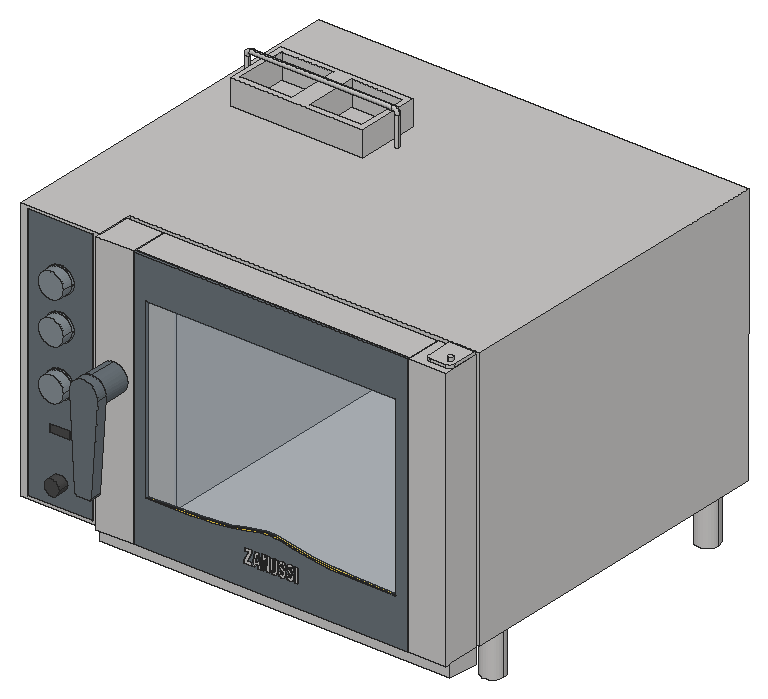
Revit family "QF_ZANUSSI_240470_ZFCG61CSAS", category Specialty Equipment, Revit 2023 (continued)
Definition of nested family "ZAN_DOOR_CROSSWISE_H525"
  Automatic sketch dimensions
    plane 15 to Extrusion 2 sketch curve = 0 mm
    Extrusion 2 sketch curve to Extrusion 2 sketch curve = 76.502 mm
    Extrusion 2 sketch curve to Extrusion 2 sketch curve = 14.439 mm  (x2)
    plane 13 to Extrusion 2 sketch curve = 104.527 mm
    Extrusion 2 sketch curve to Extrusion 2 sketch curve = 0.216 mm  (x2)
    Extrusion 2 sketch curve to Extrusion 2 sketch curve = 20.101 mm  (x2)
    Extrusion 2 sketch curve to Extrusion 2 sketch curve = 160.676 mm
    Extrusion 2 sketch curve to Extrusion 2 sketch curve = 136.56 mm
    Extrusion 2 sketch curve to Extrusion 2 sketch curve = 2.06 mm
    Extrusion 2 sketch curve to Extrusion 2 sketch curve = 1.051 mm
    Extrusion 2 sketch curve to Extrusion 2 sketch curve = 5.17 mm
    plane 9 to Extrusion 2 sketch curve = 110.668 mm
    plane 9 to Extrusion 2 sketch curve = 104.369 mm
    Extrusion 2 sketch curve to plane 14 = 0 mm
    plane 16 to Extrusion 2 sketch curve = 86.401 mm
    Extrusion 2 sketch curve to Extrusion 2 sketch curve = 0.341 mm
    Extrusion 2 sketch curve to Extrusion 2 sketch curve = 0.344 mm
    Extrusion 2 sketch curve to Extrusion 2 sketch curve = 1.13 mm
    Extrusion 2 sketch curve to Extrusion 2 sketch curve = 1.134 mm
    Extrusion 2 sketch curve to Extrusion 2 sketch curve = 5.373 mm
    Extrusion 2 sketch curve to Extrusion 2 sketch curve = 6.15 mm
    Extrusion 2 sketch curve to Extrusion 2 sketch curve = 6.154 mm
    Extrusion 4 sketch curve to Extrusion 4 sketch curve = 0 mm  (x13)
    plane 13 to Extrusion 4 sketch curve = 0 mm
    plane 9 to Extrusion 4 sketch curve = 35.26 mm
    Extrusion 4 sketch curve to plane 4 "Top" = 349.799 mm  (x2)
    plane 13 to Extrusion 4 sketch curve = 35.635 mm
    plane 13 to Extrusion 4 sketch curve = 63.517 mm
    Extrusion 4 sketch curve to Extrusion 4 sketch curve = 138.739 mm  (x2)
    plane 9 to Extrusion 4 sketch curve = 63.143 mm
    Extrusion 4 sketch curve to plane 7 = 6.737 mm  (x2)
    Extrusion 4 sketch curve to Extrusion 4 sketch curve = 0.173 mm  (x2)
    Extrusion 4 sketch curve to Extrusion 4 sketch curve = 19.857 mm  (x2)
    Extrusion 4 sketch curve to Extrusion 4 sketch curve = 19.97 mm  (x2)
    plane 16 to Extrusion 4 sketch curve = 70.564 mm  (x2)
    Extrusion 4 sketch curve to Extrusion 4 sketch curve = 0.426 mm  (x2)
    Extrusion 4 sketch curve to Extrusion 4 sketch curve = 2.497 mm  (x2)
    Extrusion 4 sketch curve to Extrusion 4 sketch curve = 2.422 mm  (x2)
    Extrusion 4 sketch curve to plane 9 = 0.013 mm
    plane 16 to Extrusion 4 sketch curve = 67.529 mm  (x2)
    plane 5 "Feet" to Extrusion 4 sketch curve = 18.854 mm
    Extrusion 4 sketch curve to Extrusion 4 sketch curve = 14.485 mm
    Extrusion 4 sketch curve to Extrusion 4 sketch curve = 15.571 mm
    Extrusion 4 sketch curve to level = 117.102 mm
    plane 13 to Extrusion 4 sketch curve = 169.849 mm
    Extrusion 4 sketch curve to Extrusion 4 sketch curve = 250.632 mm
    plane 13 to Extrusion 4 sketch curve = 76.502 mm
    Extrusion 4 sketch curve to Extrusion 4 sketch curve = 14.39 mm
    Extrusion 4 sketch curve to Extrusion 4 sketch curve = 0.048 mm  (x2)
    plane 13 to Extrusion 4 sketch curve = 102.71 mm
    Extrusion 4 sketch curve to Extrusion 4 sketch curve = 1.078 mm  (x2)
    Extrusion 4 sketch curve to Extrusion 4 sketch curve = 1.817 mm
    Extrusion 4 sketch curve to Extrusion 4 sketch curve = 0.955 mm  (x2)
    Extrusion 4 sketch curve to Extrusion 4 sketch curve = 20.088 mm
    Extrusion 4 sketch curve to Extrusion 4 sketch curve = 0.061 mm  (x2)
    plane 13 to Extrusion 4 sketch curve = 218.604 mm
    Extrusion 4 sketch curve to Extrusion 4 sketch curve = 28.998 mm
    Extrusion 4 sketch curve to Extrusion 4 sketch curve = 2.06 mm
    Extrusion 4 sketch curve to Extrusion 4 sketch curve = 0.191 mm
    Extrusion 4 sketch curve to Extrusion 4 sketch curve = 0.669 mm
    Extrusion 4 sketch curve to Extrusion 4 sketch curve = 1.051 mm
    Extrusion 4 sketch curve to Extrusion 4 sketch curve = 5.17 mm
    Extrusion 4 sketch curve to Extrusion 4 sketch curve = 63.165 mm
    Extrusion 4 sketch curve to Extrusion 4 sketch curve = 160.676 mm
    plane 9 to Extrusion 4 sketch curve = 110.668 mm
    plane 9 to Extrusion 4 sketch curve = 104.369 mm
    Extrusion 4 sketch curve to Extrusion 4 sketch curve = 0.216 mm
    Extrusion 4 sketch curve to Extrusion 4 sketch curve = 20.101 mm
    Extrusion 4 sketch curve to Extrusion 4 sketch curve = 14.439 mm
    plane 16 to Extrusion 4 sketch curve = 89.148 mm
    Extrusion 4 sketch curve to Extrusion 4 sketch curve = 0.343 mm
    Extrusion 4 sketch curve to Extrusion 4 sketch curve = 0.346 mm
    Extrusion 4 sketch curve to Extrusion 4 sketch curve = 1.209 mm
    Extrusion 4 sketch curve to Extrusion 4 sketch curve = 2.747 mm
    Extrusion 4 sketch curve to Extrusion 4 sketch curve = 2.745 mm  (x2)
    Extrusion 4 sketch curve to Extrusion 4 sketch curve = 2.666 mm
    Extrusion 4 sketch curve to Extrusion 4 sketch curve = 2.667 mm
    Extrusion 4 sketch curve to Extrusion 4 sketch curve = 5.816 mm  (x2)
    Extrusion 4 sketch curve to Extrusion 4 sketch curve = 2.231 mm
    Extrusion 4 sketch curve to Extrusion 4 sketch curve = 5.779 mm
    Extrusion 4 sketch curve to Extrusion 4 sketch curve = 5.783 mm
    Extrusion 4 sketch curve to Extrusion 4 sketch curve = 2.602 mm
    Extrusion 4 sketch curve to Extrusion 4 sketch curve = 2.603 mm
    plane 16 to Extrusion 5 sketch curve = 47.982 mm  (x2)
    Extrusion 5 sketch curve to Extrusion 5 sketch curve = 0 mm  (x16)
    Extrusion 5 sketch curve to Extrusion 5 sketch curve = 0.692 mm  (x2)
    Extrusion 5 sketch curve to Extrusion 5 sketch curve = 4.75 mm  (x5)
    Extrusion 5 sketch curve to Extrusion 5 sketch curve = 4.787 mm
    Extrusion 5 sketch curve to Extrusion 5 sketch curve = 0.328 mm
    Extrusion 5 sketch curve to Extrusion 5 sketch curve = 5.241 mm  (x2)
    Extrusion 5 sketch curve to Extrusion 5 sketch curve = 4.87 mm
    Extrusion 5 sketch curve to Extrusion 5 sketch curve = 5.561 mm
    Extrusion 5 sketch curve to Extrusion 5 sketch curve = 0.212 mm  (x2)
    Extrusion 5 sketch curve to Extrusion 5 sketch curve = 0.025 mm  (x2)
    Extrusion 5 sketch curve to Extrusion 5 sketch curve = 0.346 mm  (x2)
    Extrusion 5 sketch curve to Extrusion 5 sketch curve = 0.525 mm  (x3)
    Extrusion 5 sketch curve to Extrusion 5 sketch curve = 1.401 mm  (x2)
    Extrusion 5 sketch curve to Extrusion 5 sketch curve = 1.186 mm  (x2)
    Extrusion 5 sketch curve to Extrusion 5 sketch curve = 2.546 mm  (x2)
    Extrusion 5 sketch curve to Extrusion 5 sketch curve = 0.458 mm  (x2)
    Extrusion 5 sketch curve to Extrusion 5 sketch curve = 9.5 mm
    Extrusion 5 sketch curve to Extrusion 5 sketch curve = 5.655 mm  (x2)
    Extrusion 5 sketch curve to Extrusion 5 sketch curve = 5.986 mm  (x2)
    Extrusion 5 sketch curve to Extrusion 5 sketch curve = 2.141 mm  (x2)
    Extrusion 5 sketch curve to Extrusion 5 sketch curve = 12.739 mm
    Extrusion 5 sketch curve to Extrusion 5 sketch curve = 8.354 mm
    Extrusion 5 sketch curve to Extrusion 5 sketch curve = 3.681 mm
    Extrusion 5 sketch curve to Extrusion 5 sketch curve = 1.209 mm
    Extrusion 5 sketch curve to Extrusion 5 sketch curve = 0.702 mm  (x2)
    Extrusion 5 sketch curve to Extrusion 5 sketch curve = 1.067 mm  (x2)
    Extrusion 5 sketch curve to Extrusion 5 sketch curve = 0.798 mm
    Extrusion 5 sketch curve to Extrusion 5 sketch curve = 1.163 mm
    Extrusion 5 sketch curve to Extrusion 5 sketch curve = 0.282 mm
    Extrusion 5 sketch curve to Extrusion 5 sketch curve = 2.148 mm
    Extrusion 5 sketch curve to Extrusion 5 sketch curve = 1.642 mm
    Extrusion 5 sketch curve to Extrusion 5 sketch curve = 0.277 mm
    Extrusion 5 sketch curve to Extrusion 5 sketch curve = 1.568 mm  (x2)
    Extrusion 5 sketch curve to Extrusion 5 sketch curve = 0.043 mm  (x2)
    Extrusion 5 sketch curve to Extrusion 5 sketch curve = 0.093 mm  (x2)
    Extrusion 5 sketch curve to Extrusion 5 sketch curve = 3.228 mm
    Extrusion 5 sketch curve to Extrusion 5 sketch curve = 0.491 mm
    Extrusion 5 sketch curve to Extrusion 5 sketch curve = 3.931 mm  (x3)
    Extrusion 5 sketch curve to Extrusion 5 sketch curve = 5.078 mm
    Extrusion 5 sketch curve to Extrusion 5 sketch curve = 2.818 mm
    Extrusion 5 sketch curve to Extrusion 5 sketch curve = 1.565 mm
    Extrusion 5 sketch curve to Extrusion 5 sketch curve = 5.405 mm
    Extrusion 5 sketch curve to Extrusion 5 sketch curve = 5.733 mm  (x3)
    Extrusion 5 sketch curve to Extrusion 5 sketch curve = 7.68 mm
    plane 13 to Extrusion 5 sketch curve = 197.259 mm
    Extrusion 5 sketch curve to Extrusion 5 sketch curve = 4.888 mm
    Extrusion 5 sketch curve to Extrusion 5 sketch curve = 5.704 mm
    Extrusion 5 sketch curve to Extrusion 5 sketch curve = 0.845 mm
    Extrusion 5 sketch curve to Extrusion 5 sketch curve = 1.947 mm  (x2)
    Extrusion 5 sketch curve to Extrusion 5 sketch curve = 0.089 mm  (x2)
    Extrusion 5 sketch curve to Extrusion 5 sketch curve = 1.743 mm
    Extrusion 5 sketch curve to Extrusion 5 sketch curve = 6.311 mm
    Extrusion 5 sketch curve to Extrusion 5 sketch curve = 5.327 mm  (x2)
    Extrusion 5 sketch curve to Extrusion 5 sketch curve = 0.024 mm  (x2)
    Extrusion 5 sketch curve to Extrusion 5 sketch curve = 0.143 mm  (x2)
    Extrusion 5 sketch curve to Extrusion 5 sketch curve = 0.597 mm  (x2)
    Extrusion 5 sketch curve to Extrusion 5 sketch curve = 2.07 mm  (x2)
    Extrusion 5 sketch curve to Extrusion 5 sketch curve = 1.298 mm  (x2)
    Extrusion 5 sketch curve to Extrusion 5 sketch curve = 1.366 mm  (x2)
    Extrusion 5 sketch curve to Extrusion 5 sketch curve = 0.362 mm  (x2)
    Extrusion 5 sketch curve to Extrusion 5 sketch curve = 0.15 mm  (x2)
    Extrusion 5 sketch curve to Extrusion 5 sketch curve = 0.726 mm  (x3)
    Extrusion 5 sketch curve to Extrusion 5 sketch curve = 0.409 mm  (x2)
    Extrusion 5 sketch curve to Extrusion 5 sketch curve = 1.432 mm  (x2)
    Extrusion 5 sketch curve to Extrusion 5 sketch curve = 2.132 mm  (x2)
    Extrusion 5 sketch curve to Extrusion 5 sketch curve = 2.415 mm  (x2)
    Extrusion 5 sketch curve to Extrusion 5 sketch curve = 2.892 mm  (x2)
    Extrusion 5 sketch curve to Extrusion 5 sketch curve = 4.969 mm
    Extrusion 5 sketch curve to Extrusion 5 sketch curve = 2.57 mm
    Extrusion 5 sketch curve to Extrusion 5 sketch curve = 0.116 mm
    Extrusion 5 sketch curve to Extrusion 5 sketch curve = 2.846 mm
    Extrusion 5 sketch curve to Extrusion 5 sketch curve = 4.422 mm  (x2)
    Extrusion 5 sketch curve to Extrusion 5 sketch curve = 1.773 mm
    Extrusion 5 sketch curve to Extrusion 5 sketch curve = 5.719 mm
    Extrusion 5 sketch curve to Extrusion 5 sketch curve = 3.505 mm
    Extrusion 5 sketch curve to Extrusion 5 sketch curve = 1.646 mm
    Extrusion 5 sketch curve to Extrusion 5 sketch curve = 0.109 mm
    Extrusion 5 sketch curve to Extrusion 5 sketch curve = 1.311 mm
    Extrusion 5 sketch curve to Extrusion 5 sketch curve = 6.224 mm
    Extrusion 5 sketch curve to Extrusion 5 sketch curve = 6.061 mm
    Extrusion 5 sketch curve to Extrusion 5 sketch curve = 5.967 mm
    Extrusion 5 sketch curve to Extrusion 5 sketch curve = 5.897 mm  (x2)
    Extrusion 5 sketch curve to Extrusion 5 sketch curve = 0.819 mm  (x3)
    Extrusion 5 sketch curve to Extrusion 5 sketch curve = 3.276 mm
    Extrusion 5 sketch curve to Extrusion 5 sketch curve = 0.856 mm
    Extrusion 5 sketch curve to Extrusion 5 sketch curve = 5.934 mm
    Extrusion 5 sketch curve to Extrusion 5 sketch curve = 6.716 mm
    Extrusion 5 sketch curve to Extrusion 5 sketch curve = 8.598 mm
    Extrusion 5 sketch curve to Extrusion 5 sketch curve = 7.535 mm
    Extrusion 5 sketch curve to Extrusion 5 sketch curve = 6.308 mm
    Extrusion 5 sketch curve to Extrusion 5 sketch curve = 1.217 mm
    Extrusion 5 sketch curve to Extrusion 5 sketch curve = 3.121 mm  (x2)
    Extrusion 6 sketch curve to plane 7 = 0 mm  (x2)
    Extrusion 6 sketch curve to plane 9 = 0 mm
    Extrusion 6 sketch curve to plane 16 = 0 mm
    Extrusion 6 sketch curve to plane 5 "Feet" = 0 mm
    Extrusion 6 sketch curve to plane 15 = 0 mm
    plane 13 to Extrusion 6 sketch curve = 0 mm
    Extrusion 6 sketch curve to plane 14 = 0 mm
    Extrusion 1 sketch curve to plane 4 "Top" = 0 mm  (x2)
    Extrusion 1 sketch curve to plane 3 "Center (Left/Right)" = 0 mm
    Extrusion 1 sketch curve to plane 5 "Feet" = 0 mm  (x2)
    plane 10 to Extrusion 1 sketch curve = 0 mm
    Extrusion 1 sketch curve to plane 12 = 0 mm
    plane 11 to Extrusion 1 sketch curve = 0 mm
    plane 5 "Feet" to Extrusion 12 sketch curve = 0 mm
    Extrusion 12 sketch curve to plane 1 "Center (Front/Back)" = 0 mm
    plane 6 "Front" to Extrusion 12 sketch curve = 10 mm
    Extrusion 12 sketch curve to Extrusion 12 sketch curve = 25 mm
    Extrusion 12 sketch curve to Extrusion 12 sketch curve = 29.545 mm
    Extrusion 11 sketch curve to plane 17 = 0 mm
    Extrusion 11 sketch curve to plane 18 = 0 mm
    Extrusion 8 sketch curve to plane 7 = 0 mm
    Extrusion 8 sketch curve to plane 9 = 0 mm
    Extrusion 8 sketch curve to plane 16 = 0 mm
    plane 13 to Extrusion 8 sketch curve = 0 mm
    radius of curve 16 = 5 mm
    radius of Extrusion 13 sketch curve = 5 mm
    radius of Extrusion 11 sketch curve = 28 mm
